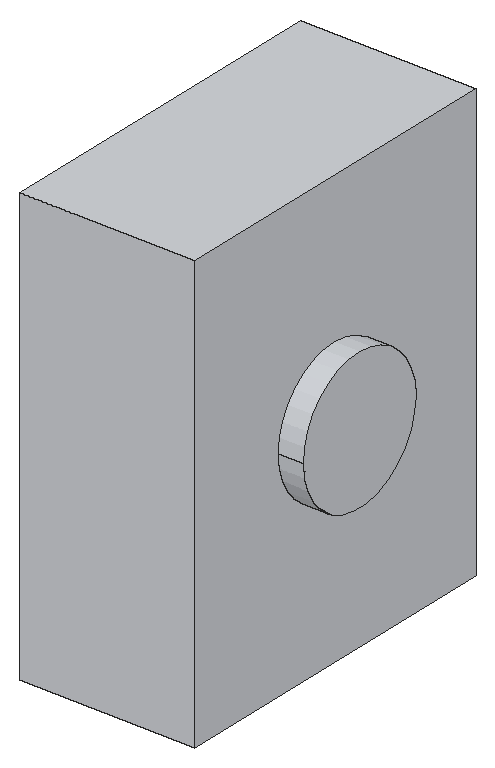
Revit family "電線管用ファミリ", category 電気器具, Revit 2021
Family settings
  注釈の向きを維持 = いいえ
  丸型コネクタ寸法 = 直径を使用
  パーツ タイプ = 標準
  OmniClass 番号 = 23.80.00.00
  OmniClass タイトル = Electric Power and Lighting
  作業面ベース = いいえ
  常に垂直 = いいえ
  ロード時にボイドで切り取り = いいえ
  共有 = いいえ
  部屋計算ポイント = いいえ
Parameters
  既定の高さ = 0 mm
  コネクタ直径2 [instance] = 16 mm
  コネクタ直径1 [instance] = 16 mm
Reference planes
  plane 1 "中心(正面/背面)": y = 0
  plane 2: z = 0
  plane 3 "中心(左/右)": x = 0
Forms (mm)
  Extrusion 1, solid
    sketch origin (0, -9.877, 0) x (1, 0, 0) y (0, 1, 0)
      loop
        line (-10, 30) -> (-10, -10.245) -> (10, -10.245) -> (10, 30) -> (-10, 30)
    from 0 to 50
  Extrusion 2, solid
    sketch origin (0, 0, 15) x (0, 1, 0) y (0, 0, 1)
      loop
        circle (-0.245, 10) r 8
    from 10 to 13
  Extrusion 3, solid
    sketch origin (0, 0, 15) x (0, 1, 0) y (0, 0, -1)
      loop
        circle (-0.245, -10) r 8
    from 10 to 13
Dimensions and locks
  "コネクタ直径1": diameter of Extrusion 2 sketch curve
  "コネクタ直径2": diameter of Extrusion 3 sketch curve
  aligned and locked: level to plane 2
  aligned and locked: Extrusion 2 to Extrusion 1
Automatic sketch dimensions
  Extrusion 1 sketch curve to plane 3 "中心(左/右)" = 10 mm
  plane 3 "中心(左/右)" to Extrusion 1 sketch curve = 10 mm
  plane 1 "中心(正面/背面)" to Extrusion 1 sketch curve = 20.123 mm
  Extrusion 1 sketch curve to plane 1 "中心(正面/背面)" = 20.123 mm
  plane 1 "中心(正面/背面)" to Extrusion 2 sketch curve = 0.245 mm
  level to Extrusion 2 sketch curve = 25 mm
  plane 1 "中心(正面/背面)" to Extrusion 3 sketch curve = 0.245 mm
  level to Extrusion 3 sketch curve = 25 mm
Connectors
  cabletrayconduit at (13, -0.245, 25), diameter 16, driven by "コネクタ直径1"
    settings: on Extrusion 2, index 5, connector width 300 mm, connector height 300 mm, connector angle 0.00°, system type 32, placement type 0, profile type 0, connector reference index -1, is primary connector yes, connector utility param no, connector description ""
  cabletrayconduit at (-13, -0.245, 25), diameter 16, driven by "コネクタ直径2"
    settings: on Extrusion 3, index 6, connector width 300 mm, connector height 300 mm, connector angle 0.00°, system type 32, placement type 0, profile type 0, connector reference index -1, is primary connector no, connector utility param no, connector description ""
